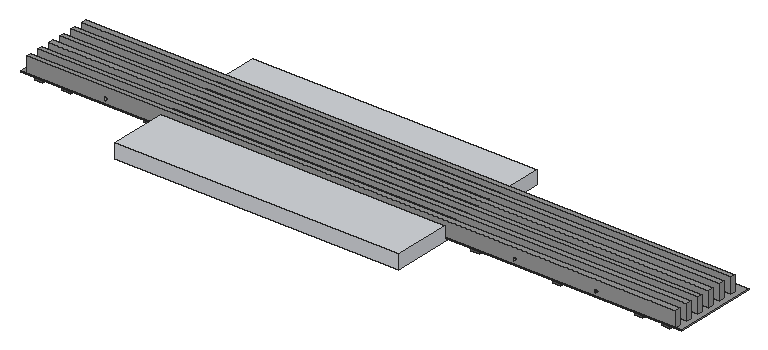
Revit family "1413-6, Veneer", category Generic Models, host Face, Revit 2020
Family settings
  Host = Face
  Can host rebar = No
  Round Connector Dimension = Use Diameter
  Part Type = Normal
  Cut with Voids When Loaded = No
  Shared = No
  Room Calculation Point = No
Parameters
  min_value [instance] = 2' - 4"  # constant formula
  max_value [instance] = 9' - 11 1/4"  # constant formula
  actual_value [instance] = if(NET LENGTH < min_value, min_value, if(NET LENGTH > max_value, max_value, NET LENGTH))  # 7' - 11 1/4"
  SCRIM MATERIAL [instance] = SCRIM
  SCRIM APPEARANCE [instance] = yes
  NET LENGTH [instance] = 7' - 11 1/4"
  IMPORTANT NOTE!!!                                                                             *Backer & dowel layout is for visualization purposes only, final layout to be determined by 9Wood. [instance] = ""
  Default Elevation = 4' - 0"
  DOWEL RADIUS [instance] = 0' - 0 1/4"  # constant formula
  BACKER & DOWEL MATERIAL [instance] = BLACK-BACKERS
  .. MEMBER WIDTH [instance] = 0' - 0 3/4"  # constant formula
  .. MEMBER MATERIAL [instance] = Veneer Cherry
  .. MEMBER DEPTH [instance] = 0' - 2 1/4"  # constant formula
  .. MEMBER COUNT [instance] = 6  # constant formula
Reference planes (in)
  plane 1 "Center (Front/Back)": y = 0
  plane 2: z = 0
  plane 3 "Center (Left/Right)": x = 0
Forms (in)
  Extrusion 1, solid
    sketch origin (0, 0, 0) x (1, 0, 0) y (0, 1, 0)
      loop
        line (-24.24823, 14.63962) -> (-24.24823, -10.69266) -> (17.36192, -10.69266) -> (17.36192, 14.63962) -> (-24.24823, 14.63962)
    from 0 to 2.0625
Dimensions and locks (in)
  aligned and locked: plane 2 to Extrusion 1
Nested families (in)
  nested 1: "1400 series" at (-44.01308, -2.1224, 0.00189), NET LENGTH <- "actual_value", .. MEMBER DEPTH <- ".. MEMBER DEPTH", .. MEMBER WIDTH <- ".. MEMBER WIDTH", DOWEL RADIUS <- "DOWEL RADIUS", BACKER & DOWEL MATERIAL <- "BACKER & DOWEL MATERIAL", .. MEMBER MATERIAL <- ".. MEMBER MATERIAL", SCRIM MATERIAL <- "SCRIM MATERIAL", MEMBER COUNT <- ".. MEMBER COUNT", SCRIM APPEARANCE <- "SCRIM APPEARANCE", type "1400 series"
    with X 7' - 8", SCRIM MATERIAL SCRIM, SCRIM LENGTH 8' - 1", SCRIM APPEARANCE yes, SCRIM 2 0' - 0 7/8", SCRIM 1 0' - 0 3/32", OC TYP 1' - 0", NET LENGTH 7' - 11 1/4", N 8, MEMBER COUNT 6, INSET 2 0' - 0 3/16", INSET 0' - 1", HALF MEMBER WIDTH 0' - 0 3/8", END BACKER yes, DOWEL RADIUS 0' - 0 1/4", DOWEL INDEX 0' - 11 5/8", DOWEL COUNT 7, BACKING M COUNT 8, BACKER WIDTH 0' - 1 1/4", BACKER INDEX 0' - 5 5/8", BACKER DEPTH 0' - 0 1/2", BACKER & DOWEL MATERIAL BLACK-BACKERS, BACKER &  DOWEL LENGTH 0' - 11 7/8", .. MEMBER WIDTH 0' - 0 3/4", .. MEMBER OC TYP 0' - 2", .. MEMBER MATERIAL Veneer Cherry, .. MEMBER DEPTH 0' - 2 1/4"
Definition of nested family "1400 series"
  Parameters (values of type "1400 series")
    X [instance] = NET LENGTH - 0' 3 1/4"  # 7' - 2"
    SCRIM MATERIAL [instance] = none
    SCRIM APPEARANCE [instance] = yes
    SCRIM 2 [instance] = 0' - 0 7/8"  # constant formula
    SCRIM 1 [instance] = 0' - 0 3/32"  # constant formula
    OC TYP [instance] = 1' - 0"  # constant formula
    N [instance] = if((X - (rounddown(X / 1' 0") * 1' 0")) > 1' 0", rounddown(X / 1' 0") + 2, rounddown(X / 1' 0") + 1)  # 8
    MEMBER COUNT [instance] = 2
    INSET 5 = 0' - 0 11/16"  # constant formula
    INSET 2 [instance] = 0' - 0 3/16"  # constant formula
    INSET [instance] = 0' - 1"  # constant formula
    END BACKER [instance] = BACKER INDEX > 0' 3 5/8"  # no
    HALF MEMBER WIDTH [instance] = .. MEMBER WIDTH / 2  # 0' - 1 1/8"
    Default Elevation = 0' - 0"
    DOWEL RADIUS [instance] = 0' - 0 1/4"
    DOWEL INDEX [instance] = BACKER INDEX + 0' 6"  # 0' - 8 5/8"
    DOWEL COUNT [instance] = N - 1  # 7
    BACKER WIDTH [instance] = 0' - 1 1/4"  # constant formula
    BACKER INDEX [instance] = (NET LENGTH - ((N - 1) * 1' 0")) / 2  # 0' - 2 5/8"
    BACKER DEPTH [instance] = 0' - 0 1/2"  # constant formula
    BACKING M COUNT [instance] = N  # 8
    BACKER & DOWEL MATERIAL [instance] = none
    BACKER &  DOWEL LENGTH [instance] = 0' - 11 7/8"  # constant formula
    SCRIM LENGTH [instance] = NET LENGTH + (SCRIM 2 * 2)  # 7' - 7"
    .. MEMBER WIDTH [instance] = 0' - 2 1/4"
    .. MEMBER OC TYP [instance] = 1' 0" / MEMBER COUNT  # 0' - 6"
    .. MEMBER MATERIAL [instance] = none
    NET LENGTH [instance] = 7' - 5 1/4"
    .. MEMBER DEPTH [instance] = 0' - 4"
  Reference planes (in)
    plane 1 "Center (Front/Back)": y = 0
    plane 2: z = 0
    plane 3 "Center (Left/Right)": x = 0
    plane 4: x = 89.25
    plane 5: x = 1
    plane 6: x = 88.25
    plane 7: x = 2.625
    plane 8: x = 8.625
    plane 9: x = 14.625
    plane 10: x = 20.625
    plane 11: y = 0.1875
    plane 12: y = 1.125
    plane 13: y = 7.125
    plane 14: y = 12.0625
    plane 15: x = 90.125
    plane 16: x = -0.875
    plane 17: y = 12.15625
    plane 18: y = -0.09375
    plane 19: z = 2.7097
    plane 20: z = 0.49811
    plane 21: z = 0.56061
    plane 22: z = 1.24811
  Lines and regions (in)
    model lines, not visible
      curve 1: line (8.625, 0, 0.99811) -> (8.625, 0, 1.49811)
      curve 2: line (8.625, 0, 1.49811) -> (8.375, 0, 1.24811)
      curve 3: line (8.375, 0, 1.24811) -> (8.875, 0, 1.24811)
      curve 4: line (20.625, 0, 0.99811) -> (20.625, 0, 1.49811)
      curve 5: line (20.625, 0, 1.49811) -> (20.375, 0, 1.24811)
      curve 6: line (20.375, 0, 1.24811) -> (20.875, 0, 1.24811)
      curve 7: line (32.625, 0, 0.99811) -> (32.625, 0, 1.49811)
      curve 8: line (32.625, 0, 1.49811) -> (32.375, 0, 1.24811)
      curve 9: line (32.375, 0, 1.24811) -> (32.875, 0, 1.24811)
      curve 10: line (44.625, 0, 0.99811) -> (44.625, 0, 1.49811)
      curve 11: line (44.625, 0, 1.49811) -> (44.375, 0, 1.24811)
      curve 12: line (44.375, 0, 1.24811) -> (44.875, 0, 1.24811)
      curve 13: line (56.625, 0, 0.99811) -> (56.625, 0, 1.49811)
      curve 14: line (56.625, 0, 1.49811) -> (56.375, 0, 1.24811)
      curve 15: line (56.375, 0, 1.24811) -> (56.875, 0, 1.24811)
      curve 16: line (68.625, 0, 0.99811) -> (68.625, 0, 1.49811)
      curve 17: line (68.625, 0, 1.49811) -> (68.375, 0, 1.24811)
      curve 18: line (68.375, 0, 1.24811) -> (68.875, 0, 1.24811)
      curve 19: line (80.625, 0, 0.99811) -> (80.625, 0, 1.49811)
      curve 20: line (80.625, 0, 1.49811) -> (80.375, 0, 1.24811)
      curve 21: line (80.375, 0, 1.24811) -> (80.875, 0, 1.24811)
  Dimensions and locks (in)
    "INSET": plane 3 "Center (Left/Right)" to plane 5
    "NET LENGTH": plane 3 "Center (Left/Right)" to plane 4
    "INSET": plane 6 to plane 4
    "BACKER INDEX": plane 3 "Center (Left/Right)" to plane 7
    "DOWEL INDEX": plane 3 "Center (Left/Right)" to plane 8
    "OC TYP": plane 7 to plane 9
    "OC TYP": plane 8 to plane 10
    "INSET 2": plane 1 "Center (Front/Back)" to plane 11
    equal spacing: group 1, group 2, group 5, group 6, group 7, group 13, group 14, group 16  (x3)
    equal spacing: group 3, group 4, group 8, group 9, group 10, group 15, group 17  (x3)
    group 11 to group 12 = 0' - 0"  (x2)
    group 11 to group 12 = 0' - 6"
    ".. MEMBER OC TYP": plane 13 to plane 12
    "HALF MEMBER WIDTH": plane 1 "Center (Front/Back)" to plane 12
    "SCRIM 2": plane 16 to plane 3 "Center (Left/Right)"
    "SCRIM 2": plane 4 to plane 15
    "SCRIM 1": plane 18 to plane 1 "Center (Front/Back)"
    "SCRIM 1": plane 17 to plane 14
    "INSET 5": plane 22 to plane 21
    aligned and locked: level to plane 2
    aligned and locked: plane 7 to nested 2
    aligned and locked: plane 5 to nested 1
    aligned and locked: plane 9 to nested 3
    aligned and locked: nested 1 to plane 5
    aligned and locked: nested 2 to plane 11
    aligned and locked: nested 1 to plane 11
    aligned and locked: nested 3 to plane 11
    aligned and locked: nested 4 to plane 11  (x2)
    aligned and locked: plane 10 to nested 5
    aligned and locked: plane 6 to nested 12
    aligned and locked: nested 5 to plane 11
    aligned and locked: plane 11 to nested 12
    aligned and locked: plane 12 to nested 13
    aligned and locked: nested 14 to plane 13
    aligned and locked: plane 14 to nested 8
    aligned and locked: plane 16 to nested 15
    aligned and locked: nested 15 to plane 18
    aligned and locked: nested 15 to plane 17
    aligned and locked: nested 15 to plane 16  (x2)
    aligned and locked: nested 1 to level
    aligned and locked: level to nested 3
    aligned and locked: plane 20 to nested 2
    aligned and locked: plane 20 to nested 1
    aligned and locked: plane 20 to nested 3
    aligned and locked: nested 12 to plane 20
    aligned and locked: nested 15 to plane 20
    aligned and locked: plane 21 to nested 15
    aligned and locked: nested 13 to plane 21
    aligned and locked: plane 22 to nested 4
    aligned and locked: plane 22 to nested 5
    aligned and locked: nested 13 to plane 8
    aligned and locked: plane 10 to nested 13
    aligned and locked: curve 1 to nested 13
    aligned and locked: nested 13 to curve 4
  Automatic sketch dimensions
    curve 3 to curve 1 = 0' - 0 1/4"  (x2)
    curve 1 to curve 3 = 0' - 0 1/4"
    curve 1 to curve 2 = 0' - 0 1/4"
    curve 6 to curve 4 = 0' - 0 1/4"  (x2)
    curve 4 to curve 6 = 0' - 0 1/4"
    curve 4 to curve 5 = 0' - 0 1/4"
    curve 9 to curve 7 = 0' - 0 1/4"  (x2)
    curve 7 to curve 9 = 0' - 0 1/4"
    curve 7 to curve 8 = 0' - 0 1/4"
    curve 12 to curve 10 = 0' - 0 1/4"  (x2)
    curve 10 to curve 12 = 0' - 0 1/4"
    curve 10 to curve 11 = 0' - 0 1/4"
    curve 15 to curve 13 = 0' - 0 1/4"  (x2)
    curve 13 to curve 15 = 0' - 0 1/4"
    curve 13 to curve 14 = 0' - 0 1/4"
    curve 18 to curve 16 = 0' - 0 1/4"  (x2)
    curve 16 to curve 18 = 0' - 0 1/4"
    curve 16 to curve 17 = 0' - 0 1/4"
    curve 21 to curve 19 = 0' - 0 1/4"  (x2)
    curve 19 to curve 21 = 0' - 0 1/4"
    curve 19 to curve 20 = 0' - 0 1/4"
  Nested families (in)
    nested 1: "INSTANCE - 3RD -  EXTEND BOTH SIDES - Parametric Cube.0001" at (1, 0.1875, 0.49811), Length <- "BACKER &  DOWEL LENGTH", Width <- "BACKER WIDTH", Height <- "BACKER DEPTH", Material <- "BACKER & DOWEL MATERIAL", visible <- "END BACKER", type "INSTANCE - 3RD -  EXTEND BOTH SIDES - Parametric Cube.0001"
      with Width 0' - 1 1/4", Material none, Length 0' - 11 7/8", Height 0' - 0 1/2"
    nested 2: "INSTANCE - 2ND -  EXTEND SIDE H CENTER W - Parametric Cube.0001" at (2.625, 0.1875, 0.49811), Width <- "BACKER WIDTH", Length <- "BACKER &  DOWEL LENGTH", Height <- "BACKER DEPTH", Material <- "BACKER & DOWEL MATERIAL", type "INSTANCE - 2ND -  EXTEND SIDE H CENTER W - Parametric Cube.0001"
      with Width 0' - 1 1/4", Material none, Length 0' - 11 7/8", Height 0' - 0 1/2"
    nested 3: "INSTANCE - 2ND -  EXTEND SIDE H CENTER W - Parametric Cube.0001" at (14.625, 0.1875, 0.49811), Width <- "BACKER WIDTH", Length <- "BACKER &  DOWEL LENGTH", Height <- "BACKER DEPTH", Material <- "BACKER & DOWEL MATERIAL", type "INSTANCE - 2ND -  EXTEND SIDE H CENTER W - Parametric Cube.0001"
      with Width 0' - 1 1/4", Material none, Length 0' - 11 7/8", Height 0' - 0 1/2"
    nested 4: "DOWEL" at (-1.375, 0.1875, 1.24811), DOWEL LENGTH <- "BACKER &  DOWEL LENGTH", DOWEL RADII <- "DOWEL RADIUS", BACKING MEM MATERIAL <- "BACKER & DOWEL MATERIAL", type "DOWEL"
      with DOWEL RADII 0' - 0 1/4", DOWEL LENGTH 0' - 11 7/8", BACKING MEM MATERIAL none
    nested 5: "DOWEL" at (10.625, 0.1875, 1.24811), DOWEL LENGTH <- "BACKER &  DOWEL LENGTH", DOWEL RADII <- "DOWEL RADIUS", BACKING MEM MATERIAL <- "BACKER & DOWEL MATERIAL", type "DOWEL"
      with DOWEL RADII 0' - 0 1/4", DOWEL LENGTH 0' - 11 7/8", BACKING MEM MATERIAL none
    nested 6: "INSTANCE - 2ND -  EXTEND SIDE H CENTER W - Parametric Cube.0001" at (26.625, 0.1875, 0.49811), Width <- "BACKER WIDTH", Length <- "BACKER &  DOWEL LENGTH", Height <- "BACKER DEPTH", Material <- "BACKER & DOWEL MATERIAL", type "INSTANCE - 2ND -  EXTEND SIDE H CENTER W - Parametric Cube.0001"
      with Width 0' - 1 1/4", Material none, Length 0' - 11 7/8", Height 0' - 0 1/2"
    nested 7: "INSTANCE - 2ND -  EXTEND SIDE H CENTER W - Parametric Cube.0001" at (38.625, 0.1875, 0.49811), Width <- "BACKER WIDTH", Length <- "BACKER &  DOWEL LENGTH", Height <- "BACKER DEPTH", Material <- "BACKER & DOWEL MATERIAL", type "INSTANCE - 2ND -  EXTEND SIDE H CENTER W - Parametric Cube.0001"
      with Width 0' - 1 1/4", Material none, Length 0' - 11 7/8", Height 0' - 0 1/2"
    nested 8: "INSTANCE - 2ND -  EXTEND SIDE H CENTER W - Parametric Cube.0001" at (50.625, 0.1875, 0.49811), Width <- "BACKER WIDTH", Length <- "BACKER &  DOWEL LENGTH", Height <- "BACKER DEPTH", Material <- "BACKER & DOWEL MATERIAL", type "INSTANCE - 2ND -  EXTEND SIDE H CENTER W - Parametric Cube.0001"
      with Width 0' - 1 1/4", Material none, Length 0' - 11 7/8", Height 0' - 0 1/2"
    nested 9: "DOWEL" at (22.625, 0.1875, 1.24811), DOWEL LENGTH <- "BACKER &  DOWEL LENGTH", DOWEL RADII <- "DOWEL RADIUS", BACKING MEM MATERIAL <- "BACKER & DOWEL MATERIAL", type "DOWEL"
      with DOWEL RADII 0' - 0 1/4", DOWEL LENGTH 0' - 11 7/8", BACKING MEM MATERIAL none
    nested 10: "DOWEL" at (34.625, 0.1875, 1.24811), DOWEL LENGTH <- "BACKER &  DOWEL LENGTH", DOWEL RADII <- "DOWEL RADIUS", BACKING MEM MATERIAL <- "BACKER & DOWEL MATERIAL", type "DOWEL"
      with DOWEL RADII 0' - 0 1/4", DOWEL LENGTH 0' - 11 7/8", BACKING MEM MATERIAL none
    nested 11: "DOWEL" at (46.625, 0.1875, 1.24811), DOWEL LENGTH <- "BACKER &  DOWEL LENGTH", DOWEL RADII <- "DOWEL RADIUS", BACKING MEM MATERIAL <- "BACKER & DOWEL MATERIAL", type "DOWEL"
      with DOWEL RADII 0' - 0 1/4", DOWEL LENGTH 0' - 11 7/8", BACKING MEM MATERIAL none
    nested 12: "INSTANCE - 3RD -  EXTEND BOTH SIDES - Parametric Cube.0001" at (88.25, 0.1875, 0.49811) x (-1, 0, 0) z (0, 0, 1), Width <- "BACKER WIDTH", Length <- "BACKER &  DOWEL LENGTH", Height <- "BACKER DEPTH", Material <- "BACKER & DOWEL MATERIAL", visible <- "END BACKER", type "INSTANCE - 3RD -  EXTEND BOTH SIDES - Parametric Cube.0001"
      with Width 0' - 1 1/4", Material none, Length 0' - 11 7/8", Height 0' - 0 1/2"
    nested 13: "HOLED MEMBER" at (0, -9.75, 8.12965), DOWEL INDEX <- "DOWEL INDEX", .. MEMBER LENGTH <- "NET LENGTH", .. MEMBER WIDTH <- ".. MEMBER WIDTH", DOWEL OC DIST <- "OC TYP", DOWEL RADII <- "DOWEL RADIUS", Material <- ".. MEMBER MATERIAL", DEPTH <- ".. MEMBER DEPTH", DOWEL COUNT <- "DOWEL COUNT", Space <- "INSET 5", type "HOLED MEMBER"
      with Space 0' - 0 11/16", Material none, Height 0' - 10.43096", HALF MEMBER WIDTH 0' - 1 1/8", DOWEL RADII 0' - 0 1/4", DOWEL OC DIST 1' - 0", DOWEL INDEX 0' - 8 5/8", DOWEL COUNT 7, DEPTH 0' - 4", .. MEMBER WIDTH 0' - 2 1/4", .. MEMBER LENGTH 7' - 5 1/4"
    nested 14: "HOLED MEMBER" at (0, -3.75, 8.12965), DOWEL INDEX <- "DOWEL INDEX", .. MEMBER LENGTH <- "NET LENGTH", .. MEMBER WIDTH <- ".. MEMBER WIDTH", DOWEL OC DIST <- "OC TYP", DOWEL RADII <- "DOWEL RADIUS", Material <- ".. MEMBER MATERIAL", DEPTH <- ".. MEMBER DEPTH", DOWEL COUNT <- "DOWEL COUNT", Space <- "INSET 5", type "HOLED MEMBER"
      with Space 0' - 0 11/16", Material none, Height 0' - 10.43096", HALF MEMBER WIDTH 0' - 1 1/8", DOWEL RADII 0' - 0 1/4", DOWEL OC DIST 1' - 0", DOWEL INDEX 0' - 8 5/8", DOWEL COUNT 7, DEPTH 0' - 4", .. MEMBER WIDTH 0' - 2 1/4", .. MEMBER LENGTH 7' - 5 1/4"
    nested 15: "INSTANCE - 3RD -  EXTEND BOTH SIDES - Parametric Cube.0001" at (-0.875, -0.09375, 0.56061), Width <- "SCRIM LENGTH", Material <- "SCRIM MATERIAL", visible <- "SCRIM APPEARANCE", type "INSTANCE - 3RD -  EXTEND BOTH SIDES - Parametric Cube.0001"
      with Width 7' - 7", Material none, Length 1' - 0 1/4", Height 0' - 0 1/16"
    nested 16: "INSTANCE - 2ND -  EXTEND SIDE H CENTER W - Parametric Cube.0001" at (62.625, 0.1875, 0.49811), Width <- "BACKER WIDTH", Length <- "BACKER &  DOWEL LENGTH", Height <- "BACKER DEPTH", Material <- "BACKER & DOWEL MATERIAL", type "INSTANCE - 2ND -  EXTEND SIDE H CENTER W - Parametric Cube.0001"
      with Width 0' - 1 1/4", Material none, Length 0' - 11 7/8", Height 0' - 0 1/2"
    nested 17: "INSTANCE - 2ND -  EXTEND SIDE H CENTER W - Parametric Cube.0001" at (74.625, 0.1875, 0.49811), Width <- "BACKER WIDTH", Length <- "BACKER &  DOWEL LENGTH", Height <- "BACKER DEPTH", Material <- "BACKER & DOWEL MATERIAL", type "INSTANCE - 2ND -  EXTEND SIDE H CENTER W - Parametric Cube.0001"
      with Width 0' - 1 1/4", Material none, Length 0' - 11 7/8", Height 0' - 0 1/2"
    nested 18: "DOWEL" at (58.625, 0.1875, 1.24811), DOWEL LENGTH <- "BACKER &  DOWEL LENGTH", DOWEL RADII <- "DOWEL RADIUS", BACKING MEM MATERIAL <- "BACKER & DOWEL MATERIAL", type "DOWEL"
      with DOWEL RADII 0' - 0 1/4", DOWEL LENGTH 0' - 11 7/8", BACKING MEM MATERIAL none
    nested 19: "INSTANCE - 2ND -  EXTEND SIDE H CENTER W - Parametric Cube.0001" at (86.625, 0.1875, 0.49811), Width <- "BACKER WIDTH", Length <- "BACKER &  DOWEL LENGTH", Height <- "BACKER DEPTH", Material <- "BACKER & DOWEL MATERIAL", type "INSTANCE - 2ND -  EXTEND SIDE H CENTER W - Parametric Cube.0001"
      with Width 0' - 1 1/4", Material none, Length 0' - 11 7/8", Height 0' - 0 1/2"
    nested 20: "DOWEL" at (70.625, 0.1875, 1.24811), DOWEL LENGTH <- "BACKER &  DOWEL LENGTH", DOWEL RADII <- "DOWEL RADIUS", BACKING MEM MATERIAL <- "BACKER & DOWEL MATERIAL", type "DOWEL"
      with DOWEL RADII 0' - 0 1/4", DOWEL LENGTH 0' - 11 7/8", BACKING MEM MATERIAL none
  Definition of nested family "INSTANCE - 3RD -  EXTEND BOTH SIDES - Parametric Cube.0001"
    Parameters (values of type "INSTANCE - 3RD -  EXTEND BOTH SIDES - Parametric Cube.0001")
      Width [instance] = 0' - 6"
      Material [instance] = none
      Length [instance] = 1' - 0"
      Height [instance] = 1' - 6"
      Default Elevation = 0' - 0"
    Reference planes (in)
      plane 1 "Center (Front/Back)": y = 0
      plane 2: z = 0
      plane 3 "Center (Left/Right)": x = 0
      plane 4: x = 6
      plane 5: y = 12
      plane 6: z = -18
    Forms (in)
      Extrusion 1, solid, material <- "Material"
        sketch origin (0, 6, 0) x (1, 0, 0) y (0, 1, 0)
          loop
            line (0, 6) -> (0, -6) -> (6, -6) -> (6, 6) -> (0, 6)
        from -18 to 0
    Dimensions and locks (in)
      "Height": plane 6 to level
      "Length": plane 1 "Center (Front/Back)" to plane 5
      "Width": plane 3 "Center (Left/Right)" to plane 4
      aligned and locked: plane 2 to level
      aligned and locked: Extrusion 1 sketch curve to plane 4
      aligned and locked: Extrusion 1 to plane 6
      aligned and locked: plane 5 to Extrusion 1
      aligned and locked: Extrusion 1 to plane 3 "Center (Left/Right)"
    Automatic sketch dimensions
      plane 1 "Center (Front/Back)" to Extrusion 1 sketch curve = 0' - 0"
      plane 5 to Extrusion 1 sketch curve = 0' - 0"
      Extrusion 1 sketch curve to plane 3 "Center (Left/Right)" = 0' - 0"
  Definition of nested family "INSTANCE - 2ND -  EXTEND SIDE H CENTER W - Parametric Cube.0001"
    Parameters (values of type "INSTANCE - 2ND -  EXTEND SIDE H CENTER W - Parametric Cube.0001")
      Width [instance] = 0' - 6"
      Material [instance] = none
      Length [instance] = 1' - 0"
      Height [instance] = 1' - 6"
      Default Elevation = 0' - 0"
    Reference planes (in)
      plane 1 "Center (Front/Back)": y = 0
      plane 2: z = 0
      plane 3 "Center (Left/Right)": x = 0
      plane 4: x = -3
      plane 5: x = 3
      plane 6: y = 12
      plane 7: z = -18
    Forms (in)
      Extrusion 1, solid, material <- "Material"
        sketch origin (0, 6, 0) x (1, 0, 0) y (0, 1, 0)
          loop
            line (-3, 6) -> (-3, -6) -> (3, -6) -> (3, 6) -> (-3, 6)
        from -18 to 0
    Dimensions and locks (in)
      equal spacing: plane 4, plane 3 "Center (Left/Right)", plane 5
      "Width": plane 4 to plane 5
      "Height": plane 7 to level
      "Length": plane 1 "Center (Front/Back)" to plane 6
      aligned and locked: plane 2 to level
      aligned and locked: plane 4 to Extrusion 1 sketch curve
      aligned and locked: Extrusion 1 sketch curve to plane 5
      aligned and locked: Extrusion 1 to plane 7
      aligned and locked: plane 6 to Extrusion 1
    Automatic sketch dimensions
      plane 1 "Center (Front/Back)" to Extrusion 1 sketch curve = 0' - 0"
      plane 6 to Extrusion 1 sketch curve = 0' - 0"
  Definition of nested family "DOWEL"
    Parameters (values of type "DOWEL")
      Default Elevation = 0' - 0"
      DOWEL RADII [instance] = 0' - 0 5/8"
      DOWEL LENGTH [instance] = 1' - 0"
      BACKING MEM MATERIAL [instance] = none
    Reference planes (in)
      plane 1 "Center (Front/Back)": y = 0
      plane 2: z = 0
      plane 3 "Center (Left/Right)": x = 0
      plane 4: y = 12
    Forms (in)
      Extrusion 1, solid, material <- "BACKING MEM MATERIAL"
        sketch origin (10, 0, 0) x (1, 0, 0) y (0, 0, 1)
          loop
            circle (0, 0) r 0.625
        from 0 to -12
      Extrusion 2, solid, not visible
        sketch origin (0, 0, 0) x (1, 0, 0) y (0, 0, 1)
          loop
            circle (0, 0) r 0.625
        from 0 to 12
      Extrusion 3, solid, not visible
        sketch origin (10, 0, 0) x (1, 0, 0) y (0, 0, 1)
          loop
            circle (0, 0) r 0.625
        from 0 to 2.5
      Extrusion 4, solid, not visible
        sketch origin (10, 0, 0) x (1, 0, 0) y (0, 0, 1)
          loop
            circle (0, 0) r 0.625
        from 0 to -12
    Lines and regions (in)
      model lines, not visible
        curve 1: line (-13, 0, 0) -> (-13, -12, 0)
        curve 2: line (13, 0, 0) -> (13, -12, 0)
        curve 3: line (9.89453, 0, 0) -> (10.08794, 0, 0)
        curve 4: line (9.89453, -2.5, 0) -> (10.08794, -2.5, 0)
        curve 6: line (10, 0, 0) -> (10, 2, 0)
      model lines
        curve 5: line (10, 0, 0) -> (10, 2, 0)
    Dimensions and locks (in)
      "DOWEL LENGTH": plane 1 "Center (Front/Back)" to plane 4
      "DOWEL RADII": radius of Extrusion 1 sketch curve
      "DOWEL RADII": radius of Extrusion 2 sketch curve
      "DOWEL RADII": radius of Extrusion 3 sketch curve
      "DOWEL RADII": radius of Extrusion 4 sketch curve
      "DOWEL RADII": radius of Extrusion 1
      aligned and locked: plane 2 to level
      aligned and locked: Extrusion 1 to plane 1 "Center (Front/Back)"  (x3)
      aligned and locked: plane 1 "Center (Front/Back)" to Extrusion 1
      aligned and locked: plane 4 to Extrusion 1
    Automatic sketch dimensions
      plane 1 "Center (Front/Back)" to curve 5 = 0' - 0"
      curve 5 to plane 1 "Center (Front/Back)" = 0' - 2"
      plane 3 "Center (Left/Right)" to curve 5 = 0' - 10"
      Extrusion 1 sketch curve to level = 0' - 0"
      plane 3 "Center (Left/Right)" to Extrusion 1 sketch curve = 0' - 10"
  Definition of nested family "HOLED MEMBER"
    Parameters (values of type "HOLED MEMBER")
      Space [instance] = 0' - 0 5/8"
      Material [instance] = none
      Height [instance] = 0' - 10.43096"
      HALF MEMBER WIDTH [instance] = .. MEMBER WIDTH / 2  # 0' - 0 5/16"
      Default Elevation = 0' - 0"
      DOWEL RADII [instance] = 0' - 0.34537"
      DOWEL OC DIST [instance] = 1' - 0"
      DOWEL INSET = 0' - 0 5/8"
      DOWEL INDEX [instance] = 0' - 5 5/8"
      DOWEL COUNT [instance] = 6
      DEPTH [instance] = 0' - 2"
      .. MEMBER WIDTH [instance] = 0' - 0 5/8"
      .. MEMBER LENGTH [instance] = 5' - 11 3/4"
    Reference planes (in)
      plane 1 "Center (Front/Back)": y = 12
      plane 2: z = -7.56904
      plane 3 "Center (Left/Right)": x = 0
      plane 4: x = 5.625
      plane 5: x = 17.625
      plane 6: y = 11.375
      plane 7: x = 71.75
      plane 8: y = 11.6875
      plane 9: z = -6.94404
      plane 10: z = -5.56904
    Forms (in)
      Extrusion 1, solid, material <- "Material"
        sketch origin (0, 12, -13.56904) x (1, 0, 0) y (0, 0, 1)
          loop
            line (0, 6) -> (71.75, 6) -> (71.75, 8) -> (0, 8) -> (0, 6)
        from 0.625 to 0
      Extrusion 2, void
        sketch origin (0, 12, -18.31904) x (1, 0, 0) y (0, 0, 1)
          loop
            circle (5.625, 11.375) r 0.34537
        from 0 to 12
      Extrusion 3, void, not visible
        sketch origin (0, 0, 0) x (1, 0, 0) y (0, 1, 0)
          loop
            circle (5.625, 11.375) r 0.34537
        from 0 to 12
      Extrusion 4, void, not visible
        sketch origin (0, 0, 0) x (1, 0, 0) y (0, 1, 0)
          loop
            circle (5.625, 11.375) r 0.34537
        from 0 to 12
      Extrusion 5, void, not visible
        sketch origin (12, 0, 0) x (1, 0, 0) y (0, 1, 0)
          loop
            circle (5.625, 11.375) r 0.34537
        from 0 to 12
      Extrusion 6, void, not visible
        sketch origin (0, 12, -17.56904) x (1, 0, 0) y (0, 0, 1)
          loop
            circle (5.625, 11.375) r 0.34537
        from 0 to 12
      Extrusion 7, void, not visible
        sketch origin (12, 12, -17.56904) x (1, 0, 0) y (0, 0, 1)
          loop
            circle (5.625, 11.375) r 0.34537
        from 0 to 12
      Extrusion 8, void, not visible
        sketch origin (0, 12, -19.56904) x (1, 0, 0) y (0, 0, 1)
          loop
            circle (5.625, 11.375) r 0.34537
        from 0 to 12
      Extrusion 9, void
        sketch origin (12, 12, -18.31904) x (1, 0, 0) y (0, 0, 1)
          loop
            circle (5.625, 11.375) r 0.34537
        from 0 to 12
      Extrusion 10, void
        sketch origin (24, 12, -18.31904) x (1, 0, 0) y (0, 0, 1)
          loop
            circle (5.625, 11.375) r 0.34537
        from 0 to 12
      Extrusion 11, void
        sketch origin (36, 12, -18.31904) x (1, 0, 0) y (0, 0, 1)
          loop
            circle (5.625, 11.375) r 0.34537
        from 0 to 12
      Extrusion 12, void
        sketch origin (48, 12, -18.31904) x (1, 0, 0) y (0, 0, 1)
          loop
            circle (5.625, 11.375) r 0.34537
        from 0 to 12
      Extrusion 13, void
        sketch origin (60, 12, -18.31904) x (1, 0, 0) y (0, 0, 1)
          loop
            circle (5.625, 11.375) r 0.34537
        from 0 to 12
      Extrusion 14, void, not visible
        sketch origin (24, 12, -17.56904) x (1, 0, 0) y (0, 0, 1)
          loop
            circle (5.625, 11.375) r 0.34537
        from 0 to 12
      Extrusion 15, void, not visible
        sketch origin (36, 12, -17.56904) x (1, 0, 0) y (0, 0, 1)
          loop
            circle (5.625, 11.375) r 0.34537
        from 0 to 12
      Extrusion 16, void, not visible
        sketch origin (48, 12, -17.56904) x (1, 0, 0) y (0, 0, 1)
          loop
            circle (5.625, 11.375) r 0.34537
        from 0 to 12
      Extrusion 17, void, not visible
        sketch origin (60, 12, -17.56904) x (1, 0, 0) y (0, 0, 1)
          loop
            circle (5.625, 11.375) r 0.34537
        from 0 to 12
      Extrusion 18, void, not visible
        sketch origin (24, 0, 0) x (1, 0, 0) y (0, 1, 0)
          loop
            circle (5.625, 11.375) r 0.34537
        from 0 to 12
      Extrusion 19, void, not visible
        sketch origin (36, 0, 0) x (1, 0, 0) y (0, 1, 0)
          loop
            circle (5.625, 11.375) r 0.34537
        from 0 to 12
      Extrusion 20, void, not visible
        sketch origin (48, 0, 0) x (1, 0, 0) y (0, 1, 0)
          loop
            circle (5.625, 11.375) r 0.34537
        from 0 to 12
      Extrusion 21, void, not visible
        sketch origin (60, 0, 0) x (1, 0, 0) y (0, 1, 0)
          loop
            circle (5.625, 11.375) r 0.34537
        from 0 to 12
    Cuts and joins
      Extrusion 2, Extrusion 9, Extrusion 10, Extrusion 11, Extrusion 12, Extrusion 13 cuts Extrusion 1
    Lines and regions (in)
      model lines, not visible
        curve 1: line (5.625, 11.72037, 0) -> (5.625, 11.02963, 0)
        curve 2: line (5.625, 11.72037, 0) -> (5.625, 11.02963, 0)
        curve 3: line (17.625, 11.72037, 0) -> (17.625, 11.02963, 0)
        curve 4: line (5.625, 12, -7.56904) -> (5.625, 11.87317, -7.56904)
        curve 5: line (5.625, 11.87317, -7.56904) -> (5.06195, 11.87317, -7.56904)
        curve 6: line (5.06195, 11.87317, -7.56904) -> (5.27963, 11.375, -7.56904)
        curve 7: line (0, 12, -6.19404) -> (0, 11.61951, -6.19404)
        curve 9: line (0, 11.375, -8.19404) -> (0, 11.6747, -8.19404)
        curve 10: line (5.625, 12, -7.56904) -> (5.625, 11.69863, -7.56904)
        curve 11: line (5.625, 12, -7.56904) -> (5.625, 11.69863, -7.56904)
        curve 12: line (5.625, 10.75, 0) -> (5.625, 10.75, 0.30137)
        curve 13: line (5.625, 10.75, 0) -> (5.625, 10.75, 0.30137)
        curve 14: line (17.625, 10.75, 0) -> (17.625, 10.75, 0.30137)
        curve 15: line (5.625, 12, -6.81904) -> (5.625, 11.69863, -6.81904)
        curve 16: line (17.625, 12, -6.81904) -> (17.625, 11.69863, -6.81904)
        curve 17: line (5.625, 12, -8.81904) -> (5.625, 11.69863, -8.81904)
        curve 18: line (17.625, 12, -7.56904) -> (17.625, 11.69863, -7.56904)
        curve 19: line (29.625, 12, -7.56904) -> (29.625, 11.69863, -7.56904)
        curve 20: line (41.625, 12, -7.56904) -> (41.625, 11.69863, -7.56904)
        curve 21: line (53.625, 12, -7.56904) -> (53.625, 11.69863, -7.56904)
        curve 22: line (65.625, 12, -7.56904) -> (65.625, 11.69863, -7.56904)
        curve 23: line (29.625, 12, -6.81904) -> (29.625, 11.69863, -6.81904)
        curve 24: line (41.625, 12, -6.81904) -> (41.625, 11.69863, -6.81904)
        curve 25: line (53.625, 12, -6.81904) -> (53.625, 11.69863, -6.81904)
        curve 26: line (65.625, 12, -6.81904) -> (65.625, 11.69863, -6.81904)
        curve 27: line (29.625, 11.72037, 0) -> (29.625, 11.02963, 0)
        curve 28: line (29.625, 10.75, 0) -> (29.625, 10.75, 0.30137)
        curve 29: line (41.625, 11.72037, 0) -> (41.625, 11.02963, 0)
        curve 30: line (41.625, 10.75, 0) -> (41.625, 10.75, 0.30137)
        curve 31: line (53.625, 11.72037, 0) -> (53.625, 11.02963, 0)
        curve 32: line (53.625, 10.75, 0) -> (53.625, 10.75, 0.30137)
        curve 33: line (65.625, 11.72037, 0) -> (65.625, 11.02963, 0)
        curve 34: line (65.625, 10.75, 0) -> (65.625, 10.75, 0.30137)
        curve 35: line (5.27963, 12, -6.94404) -> (5.97037, 12, -6.94404)
        curve 36: line (5.97037, 12, -6.94404) -> (5.625, 12, -6.59867)
        curve 37: line (5.625, 12, -6.59867) -> (5.625, 12, -7.28941)
        curve 38: line (5.27963, 11.375, 0) -> (5.97037, 11.375, 0)
        curve 39: line (5.97037, 11.375, 0) -> (5.625, 11.72037, 0)
        curve 40: line (5.625, 11.72037, 0) -> (5.625, 11.02963, 0)
        curve 41: line (5.27963, 11.375, 0) -> (5.97037, 11.375, 0)
        curve 42: line (5.97037, 11.375, 0) -> (5.625, 11.72037, 0)
        curve 43: line (5.625, 11.72037, 0) -> (5.625, 11.02963, 0)
        curve 44: line (17.27963, 11.375, 0) -> (17.97037, 11.375, 0)
        curve 45: line (17.97037, 11.375, 0) -> (17.625, 11.72037, 0)
        curve 46: line (17.625, 11.72037, 0) -> (17.625, 11.02963, 0)
        curve 47: line (5.27963, 12, -6.19404) -> (5.97037, 12, -6.19404)
        curve 48: line (5.97037, 12, -6.19404) -> (5.625, 12, -5.84867)
        curve 49: line (5.625, 12, -5.84867) -> (5.625, 12, -6.53941)
        curve 50: line (17.27963, 12, -6.19404) -> (17.97037, 12, -6.19404)
        curve 51: line (17.97037, 12, -6.19404) -> (17.625, 12, -5.84867)
        curve 52: line (17.625, 12, -5.84867) -> (17.625, 12, -6.53941)
        curve 53: line (5.27963, 12, -8.19404) -> (5.97037, 12, -8.19404)
        curve 54: line (5.97037, 12, -8.19404) -> (5.625, 12, -7.84867)
        curve 55: line (5.625, 12, -7.84867) -> (5.625, 12, -8.53941)
        curve 56: line (17.27963, 12, -6.94404) -> (17.97037, 12, -6.94404)
        curve 57: line (17.97037, 12, -6.94404) -> (17.625, 12, -6.59867)
        curve 58: line (17.625, 12, -6.59867) -> (17.625, 12, -7.28941)
        curve 59: line (29.27963, 12, -6.94404) -> (29.97037, 12, -6.94404)
        curve 60: line (29.97037, 12, -6.94404) -> (29.625, 12, -6.59867)
        curve 61: line (29.625, 12, -6.59867) -> (29.625, 12, -7.28941)
        curve 62: line (41.27963, 12, -6.94404) -> (41.97037, 12, -6.94404)
        curve 63: line (41.97037, 12, -6.94404) -> (41.625, 12, -6.59867)
        curve 64: line (41.625, 12, -6.59867) -> (41.625, 12, -7.28941)
        curve 65: line (53.27963, 12, -6.94404) -> (53.97037, 12, -6.94404)
        curve 66: line (53.97037, 12, -6.94404) -> (53.625, 12, -6.59867)
        curve 67: line (53.625, 12, -6.59867) -> (53.625, 12, -7.28941)
        curve 68: line (65.27963, 12, -6.94404) -> (65.97037, 12, -6.94404)
        curve 69: line (65.97037, 12, -6.94404) -> (65.625, 12, -6.59867)
        curve 70: line (65.625, 12, -6.59867) -> (65.625, 12, -7.28941)
        curve 71: line (29.27963, 12, -6.19404) -> (29.97037, 12, -6.19404)
        curve 72: line (29.97037, 12, -6.19404) -> (29.625, 12, -5.84867)
        curve 73: line (29.625, 12, -5.84867) -> (29.625, 12, -6.53941)
        curve 74: line (41.27963, 12, -6.19404) -> (41.97037, 12, -6.19404)
        curve 75: line (41.97037, 12, -6.19404) -> (41.625, 12, -5.84867)
        curve 76: line (41.625, 12, -5.84867) -> (41.625, 12, -6.53941)
        curve 77: line (53.27963, 12, -6.19404) -> (53.97037, 12, -6.19404)
        curve 78: line (53.97037, 12, -6.19404) -> (53.625, 12, -5.84867)
        curve 79: line (53.625, 12, -5.84867) -> (53.625, 12, -6.53941)
        curve 80: line (65.27963, 12, -6.19404) -> (65.97037, 12, -6.19404)
        curve 81: line (65.97037, 12, -6.19404) -> (65.625, 12, -5.84867)
        curve 82: line (65.625, 12, -5.84867) -> (65.625, 12, -6.53941)
        curve 83: line (29.27963, 11.375, 0) -> (29.97037, 11.375, 0)
        curve 84: line (29.97037, 11.375, 0) -> (29.625, 11.72037, 0)
        curve 85: line (29.625, 11.72037, 0) -> (29.625, 11.02963, 0)
        curve 86: line (41.27963, 11.375, 0) -> (41.97037, 11.375, 0)
        curve 87: line (41.97037, 11.375, 0) -> (41.625, 11.72037, 0)
        curve 88: line (41.625, 11.72037, 0) -> (41.625, 11.02963, 0)
        curve 89: line (53.27963, 11.375, 0) -> (53.97037, 11.375, 0)
        curve 90: line (53.97037, 11.375, 0) -> (53.625, 11.72037, 0)
        curve 91: line (53.625, 11.72037, 0) -> (53.625, 11.02963, 0)
        curve 92: line (65.27963, 11.375, 0) -> (65.97037, 11.375, 0)
        curve 93: line (65.97037, 11.375, 0) -> (65.625, 11.72037, 0)
        curve 94: line (65.625, 11.72037, 0) -> (65.625, 11.02963, 0)
      model lines
        curve 8: line (5.625, 12, -7.56904) -> (5.625, 11.69863, -7.56904)
    Dimensions and locks (in)
      "DOWEL INDEX": plane 3 "Center (Left/Right)" to plane 4
      "DOWEL OC DIST": plane 4 to plane 5
      ".. MEMBER LENGTH": plane 3 "Center (Left/Right)" to plane 7
      equal spacing: group 3, group 4, group 21, group 22, group 23, group 24  (x3)
      equal spacing: group 7, group 8, group 17, group 18, group 19, group 20  (x3)
      ".. MEMBER WIDTH": plane 6 to plane 1 "Center (Front/Back)"
      "HALF MEMBER WIDTH": plane 8 to plane 1 "Center (Front/Back)"
      equal spacing: group 1, group 12, group 13, group 14, group 15, group 16  (x2)
      equal spacing: group 16, group 15, group 14, group 13, group 12, group 1
      "DEPTH": plane 10 to level
      "Space": plane 9 to level
      "DOWEL RADII": radius of Extrusion 2 sketch curve
      "DOWEL RADII": radius of Extrusion 3 sketch curve
      "DOWEL RADII": radius of Extrusion 4 sketch curve
      "DOWEL RADII": radius of Extrusion 5 sketch curve
      "DOWEL RADII": radius of Extrusion 6 sketch curve
      "DOWEL RADII": radius of Extrusion 7 sketch curve
      "DOWEL RADII": radius of Extrusion 8 sketch curve
      "DOWEL RADII": radius of Extrusion 9 sketch curve
      "DOWEL RADII": radius of Extrusion 10 sketch curve
      "DOWEL RADII": radius of Extrusion 11 sketch curve
      "DOWEL RADII": radius of Extrusion 12 sketch curve
      "DOWEL RADII": radius of Extrusion 13 sketch curve
      "DOWEL RADII": radius of Extrusion 14 sketch curve
      "DOWEL RADII": radius of Extrusion 15 sketch curve
      "DOWEL RADII": radius of Extrusion 16 sketch curve
      "DOWEL RADII": radius of Extrusion 17 sketch curve
      "DOWEL RADII": radius of Extrusion 18 sketch curve
      "DOWEL RADII": radius of Extrusion 19 sketch curve
      "DOWEL RADII": radius of Extrusion 20 sketch curve
      "DOWEL RADII": radius of Extrusion 21 sketch curve
      aligned and locked: level to plane 2
      aligned and locked: Extrusion 1 to plane 3 "Center (Left/Right)"  (x2)
      aligned and locked: plane 7 to cut or joined group of Extrusion 1, Extrusion 2, Extrusion 9, Extrusion 10, Extrusion 11, Extrusion 12, Extrusion 13  (x2)
      aligned and locked: cut or joined group of Extrusion 1, Extrusion 2, Extrusion 9, Extrusion 10, Extrusion 11, Extrusion 12, Extrusion 13 to plane 1 "Center (Front/Back)"  (x2)
      aligned and locked: cut or joined group of Extrusion 1, Extrusion 2, Extrusion 9, Extrusion 10, Extrusion 11, Extrusion 12, Extrusion 13 to plane 6  (x2)
      aligned and locked: plane 4 to curve 11
      aligned and locked: curve 18 to plane 5
      aligned and locked: plane 4 to group 1
      aligned and locked: group 12 to plane 5
      aligned and locked: curve 35 to plane 9
      aligned and locked: plane 4 to curve 37
      aligned and locked: curve 56 to plane 9
      aligned and locked: curve 58 to plane 5
      aligned and locked: plane 10 to cut or joined group of Extrusion 1, Extrusion 2, Extrusion 9, Extrusion 10, Extrusion 11, Extrusion 12, Extrusion 13  (x2)
      aligned and locked: cut or joined group of Extrusion 1, Extrusion 2, Extrusion 9, Extrusion 10, Extrusion 11, Extrusion 12, Extrusion 13 to level
      aligned and locked: level to cut or joined group of Extrusion 1, Extrusion 2, Extrusion 9, Extrusion 10, Extrusion 11, Extrusion 12, Extrusion 13
    Automatic sketch dimensions
      curve 1 to curve 1 = 0' - 0.69074"
      curve 2 to curve 2 = 0' - 0.69074"
      curve 3 to curve 3 = 0' - 0.69074"
      Extrusion 1 sketch curve to plane 3 "Center (Left/Right)" = 0' - 0"
      Extrusion 1 sketch curve to plane 7 = 0' - 0"
      Extrusion 1 sketch curve to Extrusion 1 sketch curve = 0' - 2"
      Extrusion 1 sketch curve to level = 0' - 0"
      curve 8 to curve 8 = 0' - 0.30137"
      curve 10 to curve 10 = 0' - 0.30137"
      curve 8 to plane 4 = 0' - 0"
      plane 1 "Center (Front/Back)" to curve 8 = 0' - 0"
      plane 1 "Center (Front/Back)" to curve 8 = 0' - 0.30137"
      curve 11 to curve 11 = 0' - 0.30137"
      curve 12 to curve 12 = 0' - 0.30137"
      curve 13 to curve 13 = 0' - 0.30137"
      curve 14 to curve 14 = 0' - 0.30137"
      curve 15 to curve 15 = 0' - 0.30137"
      curve 16 to curve 16 = 0' - 0.30137"
      curve 17 to curve 17 = 0' - 0.30137"
      curve 18 to curve 18 = 0' - 0.30137"
      curve 19 to curve 19 = 0' - 0.30137"
      curve 20 to curve 20 = 0' - 0.30137"
      curve 21 to curve 21 = 0' - 0.30137"
      curve 22 to curve 22 = 0' - 0.30137"
      curve 23 to curve 23 = 0' - 0.30137"
      curve 24 to curve 24 = 0' - 0.30137"
      curve 25 to curve 25 = 0' - 0.30137"
      curve 26 to curve 26 = 0' - 0.30137"
      curve 27 to curve 27 = 0' - 0.69074"
      curve 28 to curve 28 = 0' - 0.30137"
      curve 29 to curve 29 = 0' - 0.69074"
      curve 30 to curve 30 = 0' - 0.30137"
      curve 31 to curve 31 = 0' - 0.69074"
      curve 32 to curve 32 = 0' - 0.30137"
      curve 33 to curve 33 = 0' - 0.69074"
      curve 34 to curve 34 = 0' - 0.30137"
      curve 37 to curve 35 = 0' - 0.34537"  (x2)
      curve 35 to curve 36 = 0' - 0.34537"
      curve 35 to curve 37 = 0' - 0.34537"
      curve 40 to curve 38 = 0' - 0.34537"  (x2)
      curve 38 to curve 39 = 0' - 0.34537"
      curve 38 to curve 40 = 0' - 0.34537"
      curve 43 to curve 41 = 0' - 0.34537"  (x2)
      curve 41 to curve 42 = 0' - 0.34537"
      curve 41 to curve 43 = 0' - 0.34537"
      curve 46 to curve 44 = 0' - 0.34537"  (x2)
      curve 44 to curve 45 = 0' - 0.34537"
      curve 44 to curve 46 = 0' - 0.34537"
      curve 49 to curve 47 = 0' - 0.34537"  (x2)
      curve 47 to curve 48 = 0' - 0.34537"
      curve 47 to curve 49 = 0' - 0.34537"
      curve 52 to curve 50 = 0' - 0.34537"  (x2)
      curve 50 to curve 51 = 0' - 0.34537"
      curve 50 to curve 52 = 0' - 0.34537"
      curve 55 to curve 53 = 0' - 0.34537"  (x2)
      curve 53 to curve 54 = 0' - 0.34537"
      curve 53 to curve 55 = 0' - 0.34537"
      curve 58 to curve 56 = 0' - 0.34537"  (x2)
      curve 56 to curve 57 = 0' - 0.34537"
      curve 56 to curve 58 = 0' - 0.34537"
      curve 61 to curve 59 = 0' - 0.34537"  (x2)
      curve 59 to curve 60 = 0' - 0.34537"
      curve 59 to curve 61 = 0' - 0.34537"
      curve 64 to curve 62 = 0' - 0.34537"  (x2)
      curve 62 to curve 63 = 0' - 0.34537"
      curve 62 to curve 64 = 0' - 0.34537"
      curve 67 to curve 65 = 0' - 0.34537"  (x2)
      curve 65 to curve 66 = 0' - 0.34537"
      curve 65 to curve 67 = 0' - 0.34537"
      curve 70 to curve 68 = 0' - 0.34537"  (x2)
      curve 68 to curve 69 = 0' - 0.34537"
      curve 68 to curve 70 = 0' - 0.34537"
      curve 73 to curve 71 = 0' - 0.34537"  (x2)
      curve 71 to curve 72 = 0' - 0.34537"
      curve 71 to curve 73 = 0' - 0.34537"
      curve 76 to curve 74 = 0' - 0.34537"  (x2)
      curve 74 to curve 75 = 0' - 0.34537"
      curve 74 to curve 76 = 0' - 0.34537"
      curve 79 to curve 77 = 0' - 0.34537"  (x2)
      curve 77 to curve 78 = 0' - 0.34537"
      curve 77 to curve 79 = 0' - 0.34537"
      curve 82 to curve 80 = 0' - 0.34537"  (x2)
      curve 80 to curve 81 = 0' - 0.34537"
      curve 80 to curve 82 = 0' - 0.34537"
      curve 85 to curve 83 = 0' - 0.34537"  (x2)
      curve 83 to curve 84 = 0' - 0.34537"
      curve 83 to curve 85 = 0' - 0.34537"
      curve 88 to curve 86 = 0' - 0.34537"  (x2)
      curve 86 to curve 87 = 0' - 0.34537"
      curve 86 to curve 88 = 0' - 0.34537"
      curve 91 to curve 89 = 0' - 0.34537"  (x2)
      curve 89 to curve 90 = 0' - 0.34537"
      curve 89 to curve 91 = 0' - 0.34537"
      curve 94 to curve 92 = 0' - 0.34537"  (x2)
      curve 92 to curve 93 = 0' - 0.34537"
      curve 92 to curve 94 = 0' - 0.34537"
